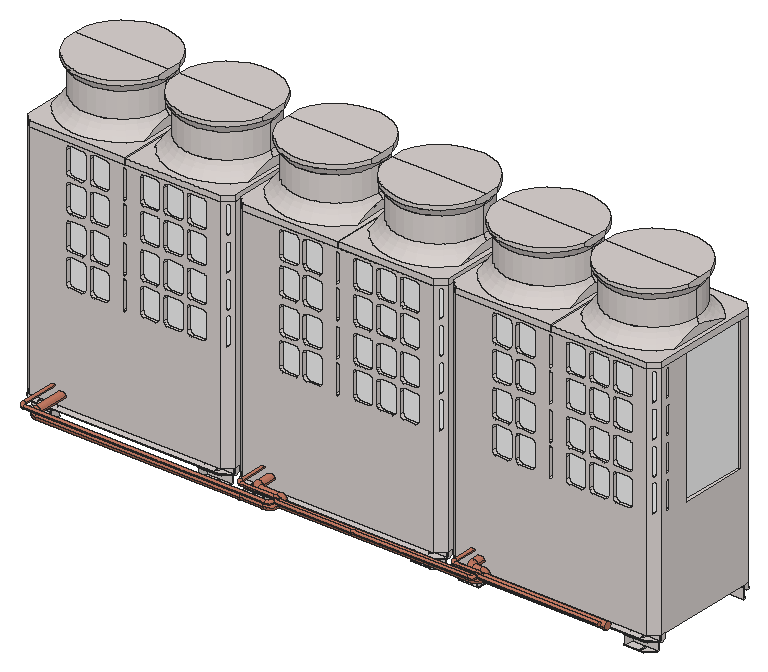
Revit family "PUHY-P1300YSNW-A1", category 機械設備, Revit 2016
Family settings
  パーツ タイプ = 標準
  丸型コネクタ寸法 = 半径を使用
  OmniClass 番号 = 23.75.00.00
  OmniClass タイトル = Climate Control (HVAC)
  作業面に基づく = いいえ
  常に垂直 = はい
  ロード時にボイドで切り取り = いいえ
  共有 = いいえ
  部屋の計算ポイント = いいえ
Parameters (values of type "PUHY-P1300YSNW-A1_380V_50Hz")
  モデル = "PUHY-P1300YSNW-A1"
  Width = 3780.000 mm
  WarrantyStart = ""
  Voltage = 380 V
  Unit Weight (kg) = 863
  URL = "http://www.mitsubishielectric.com/"
  Temp. range of heating (Outdoor temp.) (W.B.) = "-20.0 to 15.5"
  Temp. range of heating (Indoor temp.) (D.B.) = "15.0 to 27.0"
  Temp. range of cooling (Outdoor temp.) (D.B.) = "-5.0 to 52.0"
  Temp. range of cooling (Indoor temp.) (W.B.) = "15.0 to 24.0"
  TagNumber = 0
  Subcategory = "HVAC"
  Space View = yes
  Sound Pressure Level (dB(A)) Heating mode = 73.5
  Sound Pressure Level (dB(A)) Cooling mode = 70
  SerialNumber = 0
  ReplacementYear = ""
  Refrigerant type = "R410A"
  Refrigerant Charge (kg) = 31.4
  Protection Devices_Inverter circuit (COMP./FAN) = "Over-current protection"
  Protection Devices_High pressure (MPa) = "High pressure sensor, High pressure switch at 4.15"
  Phase = 3
  製造元 = "Mitsubishi Electric Corporation"
  Outdoor unit 3 Breaker size (A) = 60
  Outdoor unit 3 = PUHY-P400YNW-A1 : PUHY-P400YNW-A1
  Outdoor unit 2 Breaker size (A) = 60
  Outdoor unit 2 = PUHY-P450YNW-A1 : PUHY-P450YNW-A1
  Outdoor unit 1 Breaker size (A) = 60
  Outdoor unit 1 = PUHY-P450YNW-A1 : PUHY-P450YNW-A1
  Note_1 = "Refrigerant pipe diameters may change depending on the installation condition. Please refer to the installation manual."
  Maximum Circuit Ampacity (A) = 106.1
  Liquid pipe_radius = 9.525 mm
  InstallationDate = ""
  Indoor Unit Total Capacity = "50 to 130% of outdoor unit capacity"
  Indoor Unit Model/Quantity = "P10 to P250/3 to 50"
  Hertz = 50 Hz
  Height = 1858.000 mm
  Heating SCOP (kW/kW) = 3.81
  Heating Rated Load Ampacity (A) = 70.7
  Heating Power Input (kW) = 41.9
  Heating Power Input (Nominal) (kW) = 35.18
  Heating Current Input (Nominal) (A) = 59.3
  Heating Current Input (A) = 70.7
  Heating Capacity (kW) = 163
  Heating Capacity (Nominal) (kW) = 146
  Heating COP (kW/kW) = 3.89
  Heating COP (Nominal) (kW/kW) = 4.15
  Gas pipe_radius = 20.640 mm
  Fan_Type = "Propeller Fan"
  Fan_Quantity = 6
  Fan Motor Output (kW) = 2.76
  External static pressure (Pa) = 0
  External Finish = "Pre-coated galvanized steel sheets (+powder coating for -BS type) <MUNSELL 3Y 7.8/1.1 or similar>"
  Equip_description = ""
  Equip_No. = 0
  Equip_ID = ""
  Description = ""
  Depth = 740.000 mm
  CreatedOn = ""
  CreatedBy = ""
  Cooling SEER (kW/kW) = 6.32
  Cooling Rated Load Ampacity (A) = 76
  Cooling Power Input (kW) = 45.06
  Cooling EER (kW/kW) = 3.24
  Cooling Current Input (A) = 76
  Cooling Capacity (kW) = 146
  Compressor_Type = "Inverter scroll hermetic compressor"
  Compressor_Quantity = 3
  Compressor_Lubricant = "MEL32"
  Compressor Motor Output (kW) = 34.8
  Category = ""
  Barcode = ""
  AssetIdentifier = ""
  Airflow Rate (m3/min) = 910
  Airflow Rate (m3/h) = 54600
Reference planes
  plane 1 "Center (Front/Back)": y = 0
  plane 2: z = 0
  plane 3: z = 1710
  plane 4: z = 60
  plane 5: y = 370
  plane 6 "front": y = -370
  plane 7: x = -1890
  plane 8: x = -620
  plane 9: x = 620
  plane 10: x = -650
  plane 11: x = 650
  plane 12: y = 370
  plane 13: y = -370
  plane 14: z = 1858
  plane 15: x = 1890
  plane 16: x = 0
Forms (mm)
  Sweep 1, solid, material "Copper"
    path origin (137.855, 17.925, 192.255) x (0, -1, 0) y (1, 0, 0)
      loop
        line (380, -1839.039) -> (605, -1839.039)
        arc (605, -1839.039) -> (626.213, -1830.253) -> (635, -1809.039) r 30
        line (635, -1809.039) -> (635, -368.337)
        arc (635, -368.337) -> (629.142, -354.195) -> (615, -348.337) r 20
        line (615, -348.337) -> (590, -348.337)
        arc (590, -348.337) -> (575.858, -354.195) -> (570, -368.337) r 20
        line (570, -368.337) -> (570, -568.337)
        arc (570, -568.337) -> (564.142, -582.479) -> (550, -588.337) r 20
        line (550, -588.337) -> (380, -588.337)
    profile origin (-1701.184, -474.575, 192.255) x (1, 0, 0) y (0, 0, 1)
      loop
        circle (0, 0) r 9.525
  Sweep 2, solid, material "Copper"
    path origin (111.295, 17.925, 158.255) x (-1, 0, 0) y (0, -1, 0)
      loop
        line (1758.141, 380) -> (1758.141, 575)
        arc (1758.141, 575) -> (1747.889, 599.749) -> (1723.141, 610) r 35
        line (1723.141, 610) -> (502, 610) -> (364.723, 610)
        arc (364.723, 610) -> (339.974, 599.749) -> (329.723, 575) r 35
        line (329.723, 575) -> (329.723, 545)
        arc (329.723, 545) -> (339.974, 520.251) -> (364.723, 510) r 35
        line (364.723, 510) -> (475.673, 510)
        arc (475.673, 510) -> (500.421, 499.749) -> (510.673, 475) r 35
        line (510.673, 475) -> (510.673, 380)
    profile origin (-1646.846, -459.575, 158.255) x (1, 0, 0) y (0, 0, 1)
      loop
        circle (0, 0) r 20.64
  Sweep 3, solid, material "Copper"
    path origin (214.685, 17.925, 192.255) x (0, -1, 0) y (1, 0, 0)
      loop
        line (605, -426.689) -> (605, 43.311) -> (605, 737.327)
        arc (605, 737.327) -> (599.142, 751.469) -> (585, 757.327) r 20
        line (585, 757.327) -> (560.96, 757.327)
        arc (560.96, 757.327) -> (546.818, 751.469) -> (540.96, 737.327) r 20
        line (540.96, 737.327) -> (540.96, 607.327)
        arc (540.96, 607.327) -> (535.102, 593.185) -> (520.96, 587.327) r 20
        line (520.96, 587.327) -> (380, 587.327)
    profile origin (22.996, -587.075, 192.255) x (0, 1, 0) y (0, 0, 1)
      loop
        circle (0, 0) r 9.525
  Sweep 4, solid, material "Copper"
    path origin (188.125, 17.925, 158.255) x (-1, 0, 0) y (0, -1, 0)
      loop
        line (406.853, 555.96) -> (-741.149, 555.96)
        arc (-741.149, 555.96) -> (-765.897, 545.709) -> (-776.149, 520.96) r 35
        line (-776.149, 520.96) -> (-776.149, 510)
        arc (-776.149, 510) -> (-765.897, 485.251) -> (-741.149, 475) r 35
        line (-741.149, 475) -> (-696.149, 475)
        arc (-696.149, 475) -> (-671.4, 464.749) -> (-661.149, 440) r 35
        line (-661.149, 440) -> (-661.149, 380)
    profile origin (355.273, -538.035, 158.255) x (0, 1, 0) y (0, 0, 1)
      loop
        circle (0, 0) r 20.64
  Sweep 5, solid, material "Copper"
    path origin (249.685, 17.925, 192.255) x (0, -1, 0) y (1, 0, 0)
      loop
        line (572.806, 727.767) -> (572.806, 1455.315)
    profile origin (1341.226, -554.881, 192.255) x (0, 1, 0) y (0, 0, 1)
      loop
        circle (0, 0) r 9.525
  Sweep 6, solid, material "Copper"
    path origin (228.125, 17.925, 158.255) x (-1, 0, 0) y (0, -1, 0)
      loop
        line (-749.534, 515.995) -> (-1481.875, 515.995)
    profile origin (1343.83, -498.07, 158.255) x (0, 1, 0) y (0, 0, 1)
      loop
        circle (0, 0) r 20.64
Dimensions and locks
  nested 2 to nested 1 = 30.000 mm
  nested 1 to nested 1 = 1240.000 mm
  nested 2 to nested 2 = 1240.000 mm
  "Liquid pipe_radius": radius of Sweep 5 sketch curve
  "Gas pipe_radius": radius of Sweep 6 sketch curve
  aligned and locked: level to plane 2
Automatic sketch dimensions
  Sweep 1 sketch curve to plane 6 "front" = 7.925 mm  (x2)
  plane 6 "front" to Sweep 1 sketch curve = 162.075 mm
  Sweep 1 sketch curve to Sweep 1 sketch curve = 20.000 mm  (x2)
  plane 6 "front" to Sweep 1 sketch curve = 217.075 mm
  Sweep 1 sketch curve to Sweep 1 sketch curve = 25.000 mm
  Sweep 1 sketch curve to Sweep 1 sketch curve = 30.000 mm
  profile plane to Sweep 1 sketch curve = 0.000 mm
  Sweep 1 sketch curve to profile plane = 0.000 mm
  Sweep 2 sketch curve to Sweep 2 sketch curve = 35.000 mm  (x3)
  plane 6 "front" to Sweep 2 sketch curve = 222.075 mm
  Sweep 2 sketch curve to Sweep 2 sketch curve = 30.000 mm
  Sweep 2 sketch curve to plane 6 "front" = 7.925 mm  (x2)
  profile plane to Sweep 2 sketch curve = 0.000 mm
  Sweep 2 sketch curve to profile plane = 0.000 mm
  Sweep 3 sketch curve to profile plane = 0.000 mm  (x2)
  plane 6 "front" to Sweep 4 sketch curve = 122.075 mm
  plane 6 "front" to Sweep 4 sketch curve = 87.075 mm
  Sweep 4 sketch curve to Sweep 4 sketch curve = 0.000 mm
  Sweep 4 sketch curve to Sweep 4 sketch curve = 45.000 mm
  plane 6 "front" to Sweep 4 sketch curve = 52.075 mm
  Sweep 4 sketch curve to Sweep 4 sketch curve = 60.000 mm
  Sweep 4 sketch curve to Sweep 4 sketch curve = 10.960 mm
  Sweep 4 sketch curve to profile plane = 0.000 mm  (x2)
  Sweep 3 sketch curve to plane 6 "front" = 7.925 mm
  plane 6 "front" to Sweep 3 sketch curve = 133.035 mm
  Sweep 3 sketch curve to Sweep 3 sketch curve = 20.000 mm  (x2)
  Sweep 3 sketch curve to Sweep 3 sketch curve = 24.040 mm
  plane 6 "front" to Sweep 3 sketch curve = 217.075 mm
  Sweep 3 sketch curve to Sweep 3 sketch curve = 470.000 mm
  Sweep 3 sketch curve to Sweep 3 sketch curve = 544.016 mm
  Sweep 3 sketch curve to Sweep 3 sketch curve = 130.000 mm
  Sweep 1 sketch curve to Sweep 1 sketch curve = 1220.702 mm
  Sweep 2 sketch curve to Sweep 2 sketch curve = 1212.468 mm
  Sweep 4 sketch curve to Sweep 4 sketch curve = 1068.002 mm
  plane 6 "front" to Sweep 5 sketch curve = 184.881 mm
  plane 6 "front" to Sweep 6 sketch curve = 128.070 mm
  Sweep 5 sketch curve to profile plane = 0.000 mm  (x2)
  Sweep 6 sketch curve to profile plane = 0.000 mm  (x2)
  plane 11 to Sweep 5 sketch curve = 327.453 mm
  Sweep 5 sketch curve to plane 15 = 185.000 mm
  Sweep 6 sketch curve to plane 15 = 180.000 mm
  plane 11 to Sweep 6 sketch curve = 327.659 mm
  plane 7 to Sweep 1 sketch curve = 188.816 mm
  Sweep 1 sketch curve to Sweep 1 sketch curve = 200.000 mm
  plane 6 "front" to Sweep 2 sketch curve = 157.075 mm
  Sweep 2 sketch curve to plane 8 = 401.573 mm
  Sweep 2 sketch curve to Sweep 2 sketch curve = 110.950 mm
  Sweep 2 sketch curve to Sweep 2 sketch curve = 26.327 mm
  Sweep 3 sketch curve to plane 9 = 362.004 mm
  plane 11 to Sweep 4 sketch curve = 314.274 mm
  radius of Sweep 1 sketch curve = 9.525 mm
  radius of Sweep 2 sketch curve = 20.640 mm
  radius of Sweep 3 sketch curve = 9.525 mm
  radius of Sweep 4 sketch curve = 20.640 mm
Nested families
  nested 1: "PUHY-P450YNW-A1" at (0, 0, 0), type <- "Outdoor unit 2", type "PUHY-P450YNW-A1"
  nested 2: "PUHY-P450YNW-A1" at (-1270, 0, 0), type <- "Outdoor unit 1", type "PUHY-P450YNW-A1"
  nested 3: "PUHY-P400YNW-A1" at (1270, 0, 0), type <- "Outdoor unit 3", type "PUHY-P400YNW-A1"
Connectors
  piping at (1710, -498.07, 158.255), diameter 41.28, driven by "Gas pipe_radius"
    settings: on Sweep 6, index 1, connector inside diameter 41.28 mm, connector length 0.000 mm, flow factor 0, pipe flow 0.0 L/s, pressure drop 0.0 Pa, fitting loss kfactor 0, connector angle 0.00°, fixture units 0, engagement length 0.000 mm, angle of deflection 0.00°, flow configuration 0, flow direction 0, fitting loss method 0, system type 22, joint type 0, gender type 0, connector reference index -1, connector utility 0, adjustable connector no, is connector primary yes, connector description "Indoor unit-Twinning pipe(Gas)"
  piping at (1705, -554.881, 192.255), diameter 19.05, driven by "Liquid pipe_radius"
    settings: on Sweep 5, index 2, connector inside diameter 19.05 mm, connector length 0.000 mm, flow factor 0, pipe flow 0.0 L/s, pressure drop 0.0 Pa, fitting loss kfactor 0, connector angle 0.00°, fixture units 0, engagement length 0.000 mm, angle of deflection 0.00°, flow configuration 0, flow direction 0, fitting loss method 0, system type 22, joint type 0, gender type 0, connector reference index -1, connector utility 0, adjustable connector no, is connector primary no, connector description "Indoor unit-Twinning pipe(Liquid)"
  electrical at (992, -370, 279), driven by "Phase", driven by "Voltage"
    settings: index 3, voltage 380 V, apparent load 0 VA, apparent load phase1 0 VA, apparent load phase2 0 VA, apparent load phase3 0 VA, power factor 1, load classification "HVAC", number of poles 3, system type 30, power factor state 1, is connector primary yes, connector utility no, sub classification motor no, connector description ""
  electrical at (-258, -370, 279), driven by "Phase", driven by "Voltage"
    settings: index 4, voltage 380 V, apparent load 0 VA, apparent load phase1 0 VA, apparent load phase2 0 VA, apparent load phase3 0 VA, power factor 1, load classification "HVAC", number of poles 3, system type 30, power factor state 1, is connector primary no, connector utility no, sub classification motor no, connector description ""
  electrical at (-1508, -370, 279), driven by "Phase", driven by "Voltage"
    settings: index 5, voltage 380 V, apparent load 0 VA, apparent load phase1 0 VA, apparent load phase2 0 VA, apparent load phase3 0 VA, power factor 1, load classification "HVAC", number of poles 3, system type 30, power factor state 1, is connector primary no, connector utility no, sub classification motor no, connector description ""
Definition of nested family "PUHY-P450YNW-A1"
  Parameters
    Model = "PUHY-P400YNW-A"
    URL = "http://www.mitsubishielectric.com/"
    Manufacturer = "Mitsubishi Electric Corporation"
    Liquid pipe_radius = 12.700 mm
    Gas pipe_radius = 14.290 mm
  Reference planes
    plane 1 "Center (Front/Back)": y = 0
    plane 2: z = 0
    plane 3 "Center (Left/Right)": x = 0
    plane 4: y = 370
    plane 5: z = 1858
    plane 6: y = -260
    plane 7: y = -204
    plane 8: y = -185
    plane 9: x = -620
    plane 10: x = 620
    plane 11: x = -620
    plane 12: z = 716
    plane 13: x = -524
    plane 14: z = 669
    plane 15: x = -50.5
    plane 16: x = 51
    plane 17: x = 489
    plane 18: x = 467
    plane 19 "132": x = 488
    plane 20 "100": z = 160
    plane 21: z = 185
    plane 22: x = 413
    plane 23: x = 364
    plane 24: z = 150
    plane 25: x = -287.25
    plane 26: x = -137.25
    plane 27: x = -272.25
    plane 28: y = -278
    plane 29: z = 1509
    plane 30: y = -370
    plane 31: x = -530
    plane 32: x = 530
    plane 33 "179": y = -191
  Forms (mm)
    Extrusion 1, solid
      sketch origin (-1, 0, 113) x (-1, 0, 0) y (0, -1, 0)
        loop
          line (569, -370) -> (619, -320) -> (619, 320) -> (569, 370) -> (-571, 370) -> (-621, 320) -> (-621, -320) -> (-571, -370) -> (569, -370)
      from -18 to 1408
    Extrusion 2, void
      sketch origin (524, -370, 113) x (1, 0, 0) y (0, 0, -1)
        loop
          arc (-60.8, -1393.5) -> (-42.557, -1385.943) -> (-35, -1367.7) r 25.8
          line (-35, -1367.7) -> (-35, -1248.5)
          arc (-35, -1248.5) -> (-42.557, -1230.257) -> (-60.8, -1222.7) r 25.8
          line (-60.8, -1222.7) -> (-126, -1222.7)
          arc (-126, -1222.7) -> (-144.243, -1230.257) -> (-151.8, -1248.5) r 25.8
          line (-151.8, -1248.5) -> (-151.8, -1367.7)
          arc (-151.8, -1367.7) -> (-144.243, -1385.943) -> (-126, -1393.5) r 25.8
          line (-126, -1393.5) -> (-60.8, -1393.5)
      from 0 to 20
    Extrusion 3, void
      sketch origin (524, -370, -81) x (1, 0, 0) y (0, 0, -1)
        loop
          arc (-60.8, -1393.5) -> (-42.557, -1385.943) -> (-35, -1367.7) r 25.8
          line (-35, -1367.7) -> (-35, -1248.5)
          arc (-35, -1248.5) -> (-42.557, -1230.257) -> (-60.8, -1222.7) r 25.8
          line (-60.8, -1222.7) -> (-126, -1222.7)
          arc (-126, -1222.7) -> (-144.243, -1230.257) -> (-151.8, -1248.5) r 25.8
          line (-151.8, -1248.5) -> (-151.8, -1367.7)
          arc (-151.8, -1367.7) -> (-144.243, -1385.943) -> (-126, -1393.5) r 25.8
          line (-126, -1393.5) -> (-60.8, -1393.5)
      from 0 to 20
    Extrusion 4, void
      sketch origin (524, -370, -287) x (1, 0, 0) y (0, 0, -1)
        loop
          arc (-60.8, -1393.5) -> (-42.557, -1385.943) -> (-35, -1367.7) r 25.8
          line (-35, -1367.7) -> (-35, -1248.5)
          arc (-35, -1248.5) -> (-42.557, -1230.257) -> (-60.8, -1222.7) r 25.8
          line (-60.8, -1222.7) -> (-126, -1222.7)
          arc (-126, -1222.7) -> (-144.243, -1230.257) -> (-151.8, -1248.5) r 25.8
          line (-151.8, -1248.5) -> (-151.8, -1367.7)
          arc (-151.8, -1367.7) -> (-144.243, -1385.943) -> (-126, -1393.5) r 25.8
          line (-126, -1393.5) -> (-60.8, -1393.5)
      from 0 to 20
    Extrusion 5, void
      sketch origin (524, -370, -481) x (1, 0, 0) y (0, 0, -1)
        loop
          arc (-60.8, -1393.5) -> (-42.557, -1385.943) -> (-35, -1367.7) r 25.8
          line (-35, -1367.7) -> (-35, -1248.5)
          arc (-35, -1248.5) -> (-42.557, -1230.257) -> (-60.8, -1222.7) r 25.8
          line (-60.8, -1222.7) -> (-126, -1222.7)
          arc (-126, -1222.7) -> (-144.243, -1230.257) -> (-151.8, -1248.5) r 25.8
          line (-151.8, -1248.5) -> (-151.8, -1367.7)
          arc (-151.8, -1367.7) -> (-144.243, -1385.943) -> (-126, -1393.5) r 25.8
          line (-126, -1393.5) -> (-60.8, -1393.5)
      from 0 to 20
    Extrusion 6, void
      sketch origin (384, -370, 113) x (1, 0, 0) y (0, 0, -1)
        loop
          arc (-60.8, -1393.5) -> (-42.557, -1385.943) -> (-35, -1367.7) r 25.8
          line (-35, -1367.7) -> (-35, -1248.5)
          arc (-35, -1248.5) -> (-42.557, -1230.257) -> (-60.8, -1222.7) r 25.8
          line (-60.8, -1222.7) -> (-126, -1222.7)
          arc (-126, -1222.7) -> (-144.243, -1230.257) -> (-151.8, -1248.5) r 25.8
          line (-151.8, -1248.5) -> (-151.8, -1367.7)
          arc (-151.8, -1367.7) -> (-144.243, -1385.943) -> (-126, -1393.5) r 25.8
          line (-126, -1393.5) -> (-60.8, -1393.5)
      from 0 to 20
    Extrusion 7, void
      sketch origin (384, -370, -81) x (1, 0, 0) y (0, 0, -1)
        loop
          arc (-60.8, -1393.5) -> (-42.557, -1385.943) -> (-35, -1367.7) r 25.8
          line (-35, -1367.7) -> (-35, -1248.5)
          arc (-35, -1248.5) -> (-42.557, -1230.257) -> (-60.8, -1222.7) r 25.8
          line (-60.8, -1222.7) -> (-126, -1222.7)
          arc (-126, -1222.7) -> (-144.243, -1230.257) -> (-151.8, -1248.5) r 25.8
          line (-151.8, -1248.5) -> (-151.8, -1367.7)
          arc (-151.8, -1367.7) -> (-144.243, -1385.943) -> (-126, -1393.5) r 25.8
          line (-126, -1393.5) -> (-60.8, -1393.5)
      from 0 to 20
    Extrusion 8, void
      sketch origin (384, -370, -287) x (1, 0, 0) y (0, 0, -1)
        loop
          arc (-60.8, -1393.5) -> (-42.557, -1385.943) -> (-35, -1367.7) r 25.8
          line (-35, -1367.7) -> (-35, -1248.5)
          arc (-35, -1248.5) -> (-42.557, -1230.257) -> (-60.8, -1222.7) r 25.8
          line (-60.8, -1222.7) -> (-126, -1222.7)
          arc (-126, -1222.7) -> (-144.243, -1230.257) -> (-151.8, -1248.5) r 25.8
          line (-151.8, -1248.5) -> (-151.8, -1367.7)
          arc (-151.8, -1367.7) -> (-144.243, -1385.943) -> (-126, -1393.5) r 25.8
          line (-126, -1393.5) -> (-60.8, -1393.5)
      from 0 to 20
    Extrusion 9, void
      sketch origin (384, -370, -481) x (1, 0, 0) y (0, 0, -1)
        loop
          arc (-60.8, -1393.5) -> (-42.557, -1385.943) -> (-35, -1367.7) r 25.8
          line (-35, -1367.7) -> (-35, -1248.5)
          arc (-35, -1248.5) -> (-42.557, -1230.257) -> (-60.8, -1222.7) r 25.8
          line (-60.8, -1222.7) -> (-126, -1222.7)
          arc (-126, -1222.7) -> (-144.243, -1230.257) -> (-151.8, -1248.5) r 25.8
          line (-151.8, -1248.5) -> (-151.8, -1367.7)
          arc (-151.8, -1367.7) -> (-144.243, -1385.943) -> (-126, -1393.5) r 25.8
          line (-126, -1393.5) -> (-60.8, -1393.5)
      from 0 to 20
    Extrusion 10, void
      sketch origin (244, -370, 113) x (1, 0, 0) y (0, 0, -1)
        loop
          arc (-60.8, -1393.5) -> (-42.557, -1385.943) -> (-35, -1367.7) r 25.8
          line (-35, -1367.7) -> (-35, -1248.5)
          arc (-35, -1248.5) -> (-42.557, -1230.257) -> (-60.8, -1222.7) r 25.8
          line (-60.8, -1222.7) -> (-126, -1222.7)
          arc (-126, -1222.7) -> (-144.243, -1230.257) -> (-151.8, -1248.5) r 25.8
          line (-151.8, -1248.5) -> (-151.8, -1367.7)
          arc (-151.8, -1367.7) -> (-144.243, -1385.943) -> (-126, -1393.5) r 25.8
          line (-126, -1393.5) -> (-60.8, -1393.5)
      from 0 to 20
    Extrusion 11, void
      sketch origin (244, -370, -81) x (1, 0, 0) y (0, 0, -1)
        loop
          arc (-60.8, -1393.5) -> (-42.557, -1385.943) -> (-35, -1367.7) r 25.8
          line (-35, -1367.7) -> (-35, -1248.5)
          arc (-35, -1248.5) -> (-42.557, -1230.257) -> (-60.8, -1222.7) r 25.8
          line (-60.8, -1222.7) -> (-126, -1222.7)
          arc (-126, -1222.7) -> (-144.243, -1230.257) -> (-151.8, -1248.5) r 25.8
          line (-151.8, -1248.5) -> (-151.8, -1367.7)
          arc (-151.8, -1367.7) -> (-144.243, -1385.943) -> (-126, -1393.5) r 25.8
          line (-126, -1393.5) -> (-60.8, -1393.5)
      from 0 to 20
    Extrusion 12, void
      sketch origin (244, -370, -287) x (1, 0, 0) y (0, 0, -1)
        loop
          arc (-60.8, -1393.5) -> (-42.557, -1385.943) -> (-35, -1367.7) r 25.8
          line (-35, -1367.7) -> (-35, -1248.5)
          arc (-35, -1248.5) -> (-42.557, -1230.257) -> (-60.8, -1222.7) r 25.8
          line (-60.8, -1222.7) -> (-126, -1222.7)
          arc (-126, -1222.7) -> (-144.243, -1230.257) -> (-151.8, -1248.5) r 25.8
          line (-151.8, -1248.5) -> (-151.8, -1367.7)
          arc (-151.8, -1367.7) -> (-144.243, -1385.943) -> (-126, -1393.5) r 25.8
          line (-126, -1393.5) -> (-60.8, -1393.5)
      from 0 to 20
    Extrusion 13, void
      sketch origin (244, -370, -481) x (1, 0, 0) y (0, 0, -1)
        loop
          arc (-60.8, -1393.5) -> (-42.557, -1385.943) -> (-35, -1367.7) r 25.8
          line (-35, -1367.7) -> (-35, -1248.5)
          arc (-35, -1248.5) -> (-42.557, -1230.257) -> (-60.8, -1222.7) r 25.8
          line (-60.8, -1222.7) -> (-126, -1222.7)
          arc (-126, -1222.7) -> (-144.243, -1230.257) -> (-151.8, -1248.5) r 25.8
          line (-151.8, -1248.5) -> (-151.8, -1367.7)
          arc (-151.8, -1367.7) -> (-144.243, -1385.943) -> (-126, -1393.5) r 25.8
          line (-126, -1393.5) -> (-60.8, -1393.5)
      from 0 to 20
    Extrusion 14, void
      sketch origin (-56, -370, 113) x (1, 0, 0) y (0, 0, -1)
        loop
          arc (-60.8, -1393.5) -> (-42.557, -1385.943) -> (-35, -1367.7) r 25.8
          line (-35, -1367.7) -> (-35, -1248.5)
          arc (-35, -1248.5) -> (-42.557, -1230.257) -> (-60.8, -1222.7) r 25.8
          line (-60.8, -1222.7) -> (-126, -1222.7)
          arc (-126, -1222.7) -> (-144.243, -1230.257) -> (-151.8, -1248.5) r 25.8
          line (-151.8, -1248.5) -> (-151.8, -1367.7)
          arc (-151.8, -1367.7) -> (-144.243, -1385.943) -> (-126, -1393.5) r 25.8
          line (-126, -1393.5) -> (-60.8, -1393.5)
      from 0 to 20
    Extrusion 15, void
      sketch origin (-56, -370, -81) x (1, 0, 0) y (0, 0, -1)
        loop
          arc (-60.8, -1393.5) -> (-42.557, -1385.943) -> (-35, -1367.7) r 25.8
          line (-35, -1367.7) -> (-35, -1248.5)
          arc (-35, -1248.5) -> (-42.557, -1230.257) -> (-60.8, -1222.7) r 25.8
          line (-60.8, -1222.7) -> (-126, -1222.7)
          arc (-126, -1222.7) -> (-144.243, -1230.257) -> (-151.8, -1248.5) r 25.8
          line (-151.8, -1248.5) -> (-151.8, -1367.7)
          arc (-151.8, -1367.7) -> (-144.243, -1385.943) -> (-126, -1393.5) r 25.8
          line (-126, -1393.5) -> (-60.8, -1393.5)
      from 0 to 20
    Extrusion 16, void
      sketch origin (-56, -370, -287) x (1, 0, 0) y (0, 0, -1)
        loop
          arc (-60.8, -1393.5) -> (-42.557, -1385.943) -> (-35, -1367.7) r 25.8
          line (-35, -1367.7) -> (-35, -1248.5)
          arc (-35, -1248.5) -> (-42.557, -1230.257) -> (-60.8, -1222.7) r 25.8
          line (-60.8, -1222.7) -> (-126, -1222.7)
          arc (-126, -1222.7) -> (-144.243, -1230.257) -> (-151.8, -1248.5) r 25.8
          line (-151.8, -1248.5) -> (-151.8, -1367.7)
          arc (-151.8, -1367.7) -> (-144.243, -1385.943) -> (-126, -1393.5) r 25.8
          line (-126, -1393.5) -> (-60.8, -1393.5)
      from 0 to 20
    Extrusion 17, void
      sketch origin (-56, -370, -481) x (1, 0, 0) y (0, 0, -1)
        loop
          arc (-60.8, -1393.5) -> (-42.557, -1385.943) -> (-35, -1367.7) r 25.8
          line (-35, -1367.7) -> (-35, -1248.5)
          arc (-35, -1248.5) -> (-42.557, -1230.257) -> (-60.8, -1222.7) r 25.8
          line (-60.8, -1222.7) -> (-126, -1222.7)
          arc (-126, -1222.7) -> (-144.243, -1230.257) -> (-151.8, -1248.5) r 25.8
          line (-151.8, -1248.5) -> (-151.8, -1367.7)
          arc (-151.8, -1367.7) -> (-144.243, -1385.943) -> (-126, -1393.5) r 25.8
          line (-126, -1393.5) -> (-60.8, -1393.5)
      from 0 to 20
    Extrusion 18, void
      sketch origin (-196, -370, 113) x (1, 0, 0) y (0, 0, -1)
        loop
          arc (-60.8, -1393.5) -> (-42.557, -1385.943) -> (-35, -1367.7) r 25.8
          line (-35, -1367.7) -> (-35, -1248.5)
          arc (-35, -1248.5) -> (-42.557, -1230.257) -> (-60.8, -1222.7) r 25.8
          line (-60.8, -1222.7) -> (-126, -1222.7)
          arc (-126, -1222.7) -> (-144.243, -1230.257) -> (-151.8, -1248.5) r 25.8
          line (-151.8, -1248.5) -> (-151.8, -1367.7)
          arc (-151.8, -1367.7) -> (-144.243, -1385.943) -> (-126, -1393.5) r 25.8
          line (-126, -1393.5) -> (-60.8, -1393.5)
      from 0 to 20
    Extrusion 19, void
      sketch origin (-196, -370, -81) x (1, 0, 0) y (0, 0, -1)
        loop
          arc (-60.8, -1393.5) -> (-42.557, -1385.943) -> (-35, -1367.7) r 25.8
          line (-35, -1367.7) -> (-35, -1248.5)
          arc (-35, -1248.5) -> (-42.557, -1230.257) -> (-60.8, -1222.7) r 25.8
          line (-60.8, -1222.7) -> (-126, -1222.7)
          arc (-126, -1222.7) -> (-144.243, -1230.257) -> (-151.8, -1248.5) r 25.8
          line (-151.8, -1248.5) -> (-151.8, -1367.7)
          arc (-151.8, -1367.7) -> (-144.243, -1385.943) -> (-126, -1393.5) r 25.8
          line (-126, -1393.5) -> (-60.8, -1393.5)
      from 0 to 20
    Extrusion 20, void
      sketch origin (-196, -370, -287) x (1, 0, 0) y (0, 0, -1)
        loop
          arc (-60.8, -1393.5) -> (-42.557, -1385.943) -> (-35, -1367.7) r 25.8
          line (-35, -1367.7) -> (-35, -1248.5)
          arc (-35, -1248.5) -> (-42.557, -1230.257) -> (-60.8, -1222.7) r 25.8
          line (-60.8, -1222.7) -> (-126, -1222.7)
          arc (-126, -1222.7) -> (-144.243, -1230.257) -> (-151.8, -1248.5) r 25.8
          line (-151.8, -1248.5) -> (-151.8, -1367.7)
          arc (-151.8, -1367.7) -> (-144.243, -1385.943) -> (-126, -1393.5) r 25.8
          line (-126, -1393.5) -> (-60.8, -1393.5)
      from 0 to 20
    Extrusion 21, void
      sketch origin (-196, -370, -481) x (1, 0, 0) y (0, 0, -1)
        loop
          arc (-60.8, -1393.5) -> (-42.557, -1385.943) -> (-35, -1367.7) r 25.8
          line (-35, -1367.7) -> (-35, -1248.5)
          arc (-35, -1248.5) -> (-42.557, -1230.257) -> (-60.8, -1222.7) r 25.8
          line (-60.8, -1222.7) -> (-126, -1222.7)
          arc (-126, -1222.7) -> (-144.243, -1230.257) -> (-151.8, -1248.5) r 25.8
          line (-151.8, -1248.5) -> (-151.8, -1367.7)
          arc (-151.8, -1367.7) -> (-144.243, -1385.943) -> (-126, -1393.5) r 25.8
          line (-126, -1393.5) -> (-60.8, -1393.5)
      from 0 to 20
    Extrusion 22, void
      sketch origin (620, 320, 113) x (0, 1, 0) y (0, 0, -1)
        loop
          line (-462.3, -1408) -> (-50.8, -1408) -> (-50.8, -612) -> (-462.3, -612) -> (-462.3, -1408)
      from 0 to 20
    Extrusion 23, void
      sketch origin (-620, -320, 113) x (0, -1, 0) y (0, 0, -1)
        loop
          line (-535.7, -1408) -> (-207.7, -1408) -> (-207.7, -592) -> (-535.7, -592) -> (-535.7, -1408)
      from 0 to 20
    Extrusion 24, void
      sketch origin (194.892, 370, 113) x (-1, 0, 0) y (0, 0, -1)
        loop
          arc (204.892, -1225.013) -> (194.892, -1215.013) -> (184.892, -1225.013) r 10
          line (184.892, -1225.013) -> (184.892, -1379.987)
          arc (184.892, -1379.987) -> (194.892, -1389.987) -> (204.892, -1379.987) r 10
          line (204.892, -1379.987) -> (204.892, -1225.013)
        loop
          arc (204.892, -1031.013) -> (194.892, -1021.013) -> (184.892, -1031.013) r 10
          line (184.892, -1031.013) -> (184.892, -1185.987)
          arc (184.892, -1185.987) -> (194.892, -1195.987) -> (204.892, -1185.987) r 10
          line (204.892, -1185.987) -> (204.892, -1031.013)
        loop
          arc (204.892, -825.013) -> (194.892, -815.013) -> (184.892, -825.013) r 10
          line (184.892, -825.013) -> (184.892, -979.987)
          arc (184.892, -979.987) -> (194.892, -989.987) -> (204.892, -979.987) r 10
          line (204.892, -979.987) -> (204.892, -825.013)
        loop
          arc (204.892, -631.013) -> (194.892, -621.013) -> (184.892, -631.013) r 10
          line (184.892, -631.013) -> (184.892, -785.987)
          arc (184.892, -785.987) -> (194.892, -795.987) -> (204.892, -785.987) r 10
          line (204.892, -785.987) -> (204.892, -631.013)
      from 0 to 20
    Extrusion 25, void
      sketch origin (-570, 370, 113) x (0.707107, 0.707107, 0) y (0, 0, 1)
        loop
          arc (-45.355, 1236) -> (-35.355, 1226) -> (-25.355, 1236) r 10
          line (-25.355, 1236) -> (-25.355, 1386)
          arc (-25.355, 1386) -> (-35.355, 1396) -> (-45.355, 1386) r 10
          line (-45.355, 1386) -> (-45.355, 1236)
        loop
          arc (-45.355, 1036) -> (-35.355, 1026) -> (-25.355, 1036) r 10
          line (-25.355, 1036) -> (-25.355, 1186)
          arc (-25.355, 1186) -> (-35.355, 1196) -> (-45.355, 1186) r 10
          line (-45.355, 1186) -> (-45.355, 1036)
        loop
          arc (-45.355, 836) -> (-35.355, 826) -> (-25.355, 836) r 10
          line (-25.355, 836) -> (-25.355, 986)
          arc (-25.355, 986) -> (-35.355, 996) -> (-45.355, 986) r 10
          line (-45.355, 986) -> (-45.355, 836)
        loop
          arc (-45.355, 641) -> (-35.355, 631) -> (-25.355, 641) r 10
          line (-25.355, 641) -> (-25.355, 791)
          arc (-25.355, 791) -> (-35.355, 801) -> (-45.355, 791) r 10
          line (-45.355, 791) -> (-45.355, 641)
      from 0 to 20
    Extrusion 26, void
      sketch origin (-620, -320, 113) x (0, -1, 0) y (0, 0, -1)
        loop
          line (-607.846, -1035.895) -> (-607.846, -1186.105)
          arc (-607.846, -1186.105) -> (-597.846, -1196.105) -> (-587.846, -1186.105) r 10
          line (-587.846, -1186.105) -> (-587.846, -1035.895)
          arc (-587.846, -1035.895) -> (-597.846, -1025.895) -> (-607.846, -1035.895) r 10
        loop
          line (-607.846, -835.895) -> (-607.846, -986.105)
          arc (-607.846, -986.105) -> (-597.846, -996.105) -> (-587.846, -986.105) r 10
          line (-587.846, -986.105) -> (-587.846, -835.895)
          arc (-587.846, -835.895) -> (-597.846, -825.895) -> (-607.846, -835.895) r 10
        loop
          line (-607.846, -1235.895) -> (-607.846, -1386.105)
          arc (-607.846, -1386.105) -> (-597.846, -1396.105) -> (-587.846, -1386.105) r 10
          line (-587.846, -1386.105) -> (-587.846, -1235.895)
          arc (-587.846, -1235.895) -> (-597.846, -1225.895) -> (-607.846, -1235.895) r 10
        loop
          line (-607.846, -635.895) -> (-607.846, -786.105)
          arc (-607.846, -786.105) -> (-597.846, -796.105) -> (-587.846, -786.105) r 10
          line (-587.846, -786.105) -> (-587.846, -635.895)
          arc (-587.846, -635.895) -> (-597.846, -625.895) -> (-607.846, -635.895) r 10
      from 0 to 20
    Extrusion 27, void
      sketch origin (1079, -370, 113) x (1, 0, 0) y (0, 0, -1)
        loop
          arc (-1089, -1379.975) -> (-1079, -1389.975) -> (-1069, -1379.975) r 10
          line (-1069, -1379.975) -> (-1069, -1225)
          arc (-1069, -1225) -> (-1079, -1215) -> (-1089, -1225) r 10
          line (-1089, -1225) -> (-1089, -1379.975)
        loop
          arc (-1089, -1185.975) -> (-1079, -1195.975) -> (-1069, -1185.975) r 10
          line (-1069, -1185.975) -> (-1069, -1031)
          arc (-1069, -1031) -> (-1079, -1021) -> (-1089, -1031) r 10
          line (-1089, -1031) -> (-1089, -1185.975)
        loop
          arc (-1089, -979.975) -> (-1079, -989.975) -> (-1069, -979.975) r 10
          line (-1069, -979.975) -> (-1069, -825)
          arc (-1069, -825) -> (-1079, -815) -> (-1089, -825) r 10
          line (-1089, -825) -> (-1089, -979.975)
        loop
          arc (-1089, -785.975) -> (-1079, -795.975) -> (-1069, -785.975) r 10
          line (-1069, -785.975) -> (-1069, -631)
          arc (-1069, -631) -> (-1079, -621) -> (-1089, -631) r 10
          line (-1089, -631) -> (-1089, -785.975)
      from 0 to 20
    Extrusion 28, void
      sketch origin (-571, 370, 113) x (-1, 0, 0) y (0, 0, -1)
        loop
          line (-519.5, -1408) -> (-48, -1408) -> (-48, -556) -> (-519.5, -556) -> (-519.5, -1408)
      from 0 to 20
    Extrusion 29, void
      sketch origin (-571, 370, 113) x (-1, 0, 0) y (0, 0, -1)
        loop
          line (-1038, -1408) -> (-622, -1408) -> (-622, -556) -> (-1038, -556) -> (-1038, -1408)
      from 0 to 20
    Extrusion 30, void
      sketch origin (620, 320, 113) x (0, 1, 0) y (0, 0, -1)
        loop
          arc (-588, -1035.791) -> (-598, -1025.791) -> (-608, -1035.791) r 10
          line (-608, -1035.791) -> (-608, -1186)
          arc (-608, -1186) -> (-598, -1196) -> (-588, -1186) r 10
          line (-588, -1186) -> (-588, -1035.791)
        loop
          arc (-588, -835.791) -> (-598, -825.791) -> (-608, -835.791) r 10
          line (-608, -835.791) -> (-608, -986)
          arc (-608, -986) -> (-598, -996) -> (-588, -986) r 10
          line (-588, -986) -> (-588, -835.791)
        loop
          arc (-588, -1235.791) -> (-598, -1225.791) -> (-608, -1235.791) r 10
          line (-608, -1235.791) -> (-608, -1386)
          arc (-608, -1386) -> (-598, -1396) -> (-588, -1386) r 10
          line (-588, -1386) -> (-588, -1235.791)
        loop
          arc (-588, -635.791) -> (-598, -625.791) -> (-608, -635.791) r 10
          line (-608, -635.791) -> (-608, -786)
          arc (-608, -786) -> (-598, -796) -> (-588, -786) r 10
          line (-588, -786) -> (-588, -635.791)
      from 0 to 20
    Extrusion 31, void
      sketch origin (1291.751, 351.751, 113) x (0.707107, 0.707107, 0) y (0, 0, -1)
        loop
          line (-995.311, -1236) -> (-995.311, -1386)
          arc (-995.311, -1386) -> (-985.311, -1396) -> (-975.311, -1386) r 10
          line (-975.311, -1386) -> (-975.311, -1236)
          arc (-975.311, -1236) -> (-985.311, -1226) -> (-995.311, -1236) r 10
        loop
          line (-995.311, -1036) -> (-995.311, -1186)
          arc (-995.311, -1186) -> (-985.311, -1196) -> (-975.311, -1186) r 10
          line (-975.311, -1186) -> (-975.311, -1036)
          arc (-975.311, -1036) -> (-985.311, -1026) -> (-995.311, -1036) r 10
        loop
          line (-995.311, -836) -> (-995.311, -986)
          arc (-995.311, -986) -> (-985.311, -996) -> (-975.311, -986) r 10
          line (-975.311, -986) -> (-975.311, -836)
          arc (-975.311, -836) -> (-985.311, -826) -> (-995.311, -836) r 10
        loop
          line (-995.311, -641) -> (-995.311, -791)
          arc (-995.311, -791) -> (-985.311, -801) -> (-975.311, -791) r 10
          line (-975.311, -791) -> (-975.311, -641)
          arc (-975.311, -641) -> (-985.311, -631) -> (-995.311, -641) r 10
      from 0 to 20
    Extrusion 32, void
      sketch origin (0, -191, 0) x (-1, 0, 0) y (0, 0, 1)
        loop
          circle (460, 176) r 6.35
      from 0 to 78.7
    Extrusion 33, void
      sketch origin (0, -191, 0) x (-1, 0, 0) y (0, 0, 1)
        loop
          circle (377, 176) r 14.29
      from 0 to 78.7
  Cuts and joins
    Extrusion 2, Extrusion 3, Extrusion 4, Extrusion 5, Extrusion 6, Extrusion 7, Extrusion 8, Extrusion 9, Extrusion 10, Extrusion 11, Extrusion 12, Extrusion 13, Extrusion 14, Extrusion 15, Extrusion 16, Extrusion 17, Extrusion 18, Extrusion 19, Extrusion 20, Extrusion 21, Extrusion 22, Extrusion 23, Extrusion 24, Extrusion 25, Extrusion 26, Extrusion 27, Extrusion 28, Extrusion 29, Extrusion 30, Extrusion 31, Extrusion 32, Extrusion 33 cuts Extrusion 1
  Lines and regions (mm)
    model lines
      curve 1: line (-351, -291, 95) -> (-481, -291, 95)
      curve 2: line (-342, -206, 95) -> (-342, -282, 95)
      curve 3: line (-481, -197, 95) -> (-351, -197, 95)
      curve 4: line (-492, -280, 95) -> (-492, -208, 95)
      curve 5: arc (-492, -280, 95) -> (-488.778, -287.778, 95) -> (-481, -291, 95) r 11
      curve 6: arc (-351, -291, 95) -> (-344.636, -288.364, 95) -> (-342, -282, 95) r 9
      curve 7: arc (-342, -206, 95) -> (-344.636, -199.636, 95) -> (-351, -197, 95) r 9
      curve 8: arc (-481, -197, 95) -> (-488.778, -200.222, 95) -> (-492, -208, 95) r 11
      curve 9: line (-30, -370, 1521) -> (-30, -370, 95)
      curve 10: line (30, -370, 1521) -> (30, -370, 95)
      curve 11: line (-485, -370, 215) -> (-357, -370, 215)
      curve 12: line (-495, -370, 141) -> (-495, -370, 205)
      curve 13: line (-357, -370, 131) -> (-485, -370, 131)
      curve 14: line (-347, -370, 205) -> (-347, -370, 141)
      curve 15: arc (-485, -370, 215) -> (-492.071, -370, 212.071) -> (-495, -370, 205) r 10
      curve 16: arc (-495, -370, 141) -> (-492.071, -370, 133.929) -> (-485, -370, 131) r 10
      curve 17: arc (-357, -370, 131) -> (-349.929, -370, 133.929) -> (-347, -370, 141) r 10
      curve 18: arc (-347, -370, 205) -> (-349.929, -370, 212.071) -> (-357, -370, 215) r 10
      curve 19: line (-405, -370, 1521) -> (-405, -370, 716)
      curve 20: line (620, -162.3, 1521) -> (620, -162.3, 95)
      curve 21: line (620, 289.2, 1521) -> (620, 289.2, 95)
      curve 22: line (620, -162.3, 705) -> (620, 289.2, 705)
      curve 23: line (620, -162.3, 725) -> (620, 289.2, 725)
      curve 24: line (620, -76.8, 583) -> (620, 203.2, 583)
      curve 25: line (620, 203.2, 563) -> (620, -76.8, 563)
      curve 26: arc (620, -76.8, 583) -> (620, -83.871, 580.071) -> (620, -86.8, 573) r 10
      curve 27: arc (620, -76.8, 563) -> (620, -83.871, 565.929) -> (620, -86.8, 573) r 10
      curve 28: arc (620, 203.2, 583) -> (620, 210.271, 580.071) -> (620, 213.2, 573) r 10
      curve 29: arc (620, 203.2, 563) -> (620, 210.271, 565.929) -> (620, 213.2, 573) r 10
      curve 30: line (620, -76.8, 478) -> (620, 203.2, 478)
      curve 31: line (620, 203.2, 458) -> (620, -76.8, 458)
      curve 32: arc (620, -76.8, 478) -> (620, -83.871, 475.071) -> (620, -86.8, 468) r 10
      curve 33: arc (620, -76.8, 458) -> (620, -83.871, 460.929) -> (620, -86.8, 468) r 10
      curve 34: arc (620, 203.2, 478) -> (620, 210.271, 475.071) -> (620, 213.2, 468) r 10
      curve 35: arc (620, 203.2, 458) -> (620, 210.271, 460.929) -> (620, 213.2, 468) r 10
      curve 36: line (620, -76.8, 373) -> (620, 203.2, 373)
      curve 37: line (620, 203.2, 353) -> (620, -76.8, 353)
      curve 38: arc (620, -76.8, 373) -> (620, -83.871, 370.071) -> (620, -86.8, 363) r 10
      curve 39: arc (620, -76.8, 353) -> (620, -83.871, 355.929) -> (620, -86.8, 363) r 10
      curve 40: arc (620, 203.2, 373) -> (620, 210.271, 370.071) -> (620, 213.2, 363) r 10
      curve 41: arc (620, 203.2, 353) -> (620, 210.271, 355.929) -> (620, 213.2, 363) r 10
      curve 42: line (620, -76.8, 268) -> (620, 203.2, 268)
      curve 43: line (620, 203.2, 248) -> (620, -76.8, 248)
      curve 44: arc (620, -76.8, 268) -> (620, -83.871, 265.071) -> (620, -86.8, 258) r 10
      curve 45: arc (620, -76.8, 248) -> (620, -83.871, 250.929) -> (620, -86.8, 258) r 10
      curve 46: arc (620, 203.2, 268) -> (620, 210.271, 265.071) -> (620, 213.2, 258) r 10
      curve 47: arc (620, 203.2, 248) -> (620, 210.271, 250.929) -> (620, 213.2, 258) r 10
      curve 48: line (-620, -162.3, 1521) -> (-620, -162.3, 95)
      curve 49: line (-620, 235.7, 1521) -> (-620, 235.7, 95)
      curve 50: line (-620, -112.3, 1521) -> (-620, -112.3, 705)
      curve 51: line (-620, 215.7, 1521) -> (-620, 215.7, 705)
      curve 52: line (-620, 235.7, 705) -> (-620, -162.3, 705)
      curve 53: line (-620, 176.7, 268) -> (-620, -103.3, 268)
      curve 54: line (-620, -103.3, 248) -> (-620, 176.7, 248)
      curve 55: arc (-620, 186.7, 258) -> (-620, 183.771, 265.071) -> (-620, 176.7, 268) r 10
      curve 56: arc (-620, 176.7, 248) -> (-620, 183.771, 250.929) -> (-620, 186.7, 258) r 10
      curve 57: arc (-620, -103.3, 268) -> (-620, -110.371, 265.071) -> (-620, -113.3, 258) r 10
      curve 58: arc (-620, -113.3, 258) -> (-620, -110.371, 250.929) -> (-620, -103.3, 248) r 10
      curve 59: line (-620, 176.7, 373) -> (-620, -103.3, 373)
      curve 60: line (-620, -103.3, 353) -> (-620, 176.7, 353)
      curve 61: arc (-620, 186.7, 363) -> (-620, 183.771, 370.071) -> (-620, 176.7, 373) r 10
      curve 62: arc (-620, 176.7, 353) -> (-620, 183.771, 355.929) -> (-620, 186.7, 363) r 10
      curve 63: arc (-620, -103.3, 373) -> (-620, -110.371, 370.071) -> (-620, -113.3, 363) r 10
      curve 64: arc (-620, -113.3, 363) -> (-620, -110.371, 355.929) -> (-620, -103.3, 353) r 10
      curve 65: line (-620, 176.7, 478) -> (-620, -103.3, 478)
      curve 66: line (-620, -103.3, 458) -> (-620, 176.7, 458)
      curve 67: arc (-620, 186.7, 468) -> (-620, 183.771, 475.071) -> (-620, 176.7, 478) r 10
      curve 68: arc (-620, 176.7, 458) -> (-620, 183.771, 460.929) -> (-620, 186.7, 468) r 10
      curve 69: arc (-620, -103.3, 478) -> (-620, -110.371, 475.071) -> (-620, -113.3, 468) r 10
      curve 70: arc (-620, -113.3, 468) -> (-620, -110.371, 460.929) -> (-620, -103.3, 458) r 10
      curve 71: line (-620, 176.7, 583) -> (-620, -103.3, 583)
      curve 72: line (-620, -103.3, 563) -> (-620, 176.7, 563)
      curve 73: arc (-620, 186.7, 573) -> (-620, 183.771, 580.071) -> (-620, 176.7, 583) r 10
      curve 74: arc (-620, 176.7, 563) -> (-620, 183.771, 565.929) -> (-620, 186.7, 573) r 10
      curve 75: arc (-620, -103.3, 583) -> (-620, -110.371, 580.071) -> (-620, -113.3, 573) r 10
      curve 76: arc (-620, -113.3, 573) -> (-620, -110.371, 565.929) -> (-620, -103.3, 563) r 10
      curve 77: line (-544, 370, 1521) -> (-544, 370, 95)
      curve 78: line (489, 370, 649) -> (30, 370, 649)
      curve 79: line (-30.5, 370, 649) -> (-544, 370, 649)
      curve 80: line (-147.25, 370, 584) -> (-427.25, 370, 584)
      curve 81: line (-427.25, 370, 564) -> (-147.25, 370, 564)
      curve 82: arc (-137.25, 370, 574) -> (-140.179, 370, 581.071) -> (-147.25, 370, 584) r 10
      curve 83: arc (-147.25, 370, 564) -> (-140.179, 370, 566.929) -> (-137.25, 370, 574) r 10
      curve 84: arc (-427.25, 370, 584) -> (-434.321, 370, 581.071) -> (-437.25, 370, 574) r 10
      curve 85: arc (-437.25, 370, 574) -> (-434.321, 370, 566.929) -> (-427.25, 370, 564) r 10
      curve 86: circle (448, -185, 1521) r 15 normal (0, 0, 1)
      curve 87: circle (468, -185, 95) r 26 normal (0, 0, 1)
      curve 88: circle (448, -260, 95) r 32.5 normal (0, 0, 1)
      curve 89: circle (404, -204, 95) r 17 normal (0, 0, 1)
      curve 90: line (-550, -370, 1521) -> (-550, -370, 95)
      curve 91: line (-550, -370, 716) -> (-30, -370, 716)
      curve 92: line (550, -370, 95) -> (550, -370, 1521)
      curve 93: line (30, -370, 716) -> (550, -370, 716)
      curve 94: line (-30.5, 370, 1521) -> (-30.5, 370, 95)
      curve 95: line (30, 370, 1521) -> (30, 370, 95)
      curve 96: line (489, 370, 1521) -> (489, 370, 95)
      curve 97: line (467, 370, 669) -> (467, 370, 649)
      curve 98: line (-352, -370, 223) -> (-550, -370, 223)
      curve 99: line (-342, -370, 213) -> (-342, -370, 95)
      curve 100: arc (-342, -370, 213) -> (-344.929, -370, 220.071) -> (-352, -370, 223) r 10
      curve 101: circle (488, -370, 160) r 32.5 normal (0, -1, 0)
      curve 102: circle (488, -370, 160) r 20 normal (0, -1, 0)
      curve 103: circle (364, -370, 150) r 17 normal (0, -1, 0)
      curve 104: circle (413, -370, 185) r 26 normal (0, -1, 0)
      curve 105: circle (413, -370, 185) r 13.5 normal (0, -1, 0)
      curve 106: line (352, -370, 223) -> (550, -370, 223)
      curve 107: line (342, -370, 213) -> (342, -370, 95)
      curve 108: arc (342, -370, 213) -> (344.929, -370, 220.071) -> (352, -370, 223) r 10
      curve 109: line (-147.25, 370, 479) -> (-427.25, 370, 479)
      curve 110: line (-427.25, 370, 459) -> (-147.25, 370, 459)
      curve 111: arc (-137.25, 370, 469) -> (-140.179, 370, 476.071) -> (-147.25, 370, 479) r 10
      curve 112: arc (-147.25, 370, 459) -> (-140.179, 370, 461.929) -> (-137.25, 370, 469) r 10
      curve 113: arc (-427.25, 370, 479) -> (-434.321, 370, 476.071) -> (-437.25, 370, 469) r 10
      curve 114: arc (-437.25, 370, 469) -> (-434.321, 370, 461.929) -> (-427.25, 370, 459) r 10
      curve 115: line (-147.25, 370, 374) -> (-427.25, 370, 374)
      curve 116: line (-427.25, 370, 354) -> (-147.25, 370, 354)
      curve 117: arc (-137.25, 370, 364) -> (-140.179, 370, 371.071) -> (-147.25, 370, 374) r 10
      curve 118: arc (-147.25, 370, 354) -> (-140.179, 370, 356.929) -> (-137.25, 370, 364) r 10
      curve 119: arc (-427.25, 370, 374) -> (-434.321, 370, 371.071) -> (-437.25, 370, 364) r 10
      curve 120: arc (-437.25, 370, 364) -> (-434.321, 370, 356.929) -> (-427.25, 370, 354) r 10
      curve 121: line (-147.25, 370, 269) -> (-427.25, 370, 269)
      curve 122: line (-427.25, 370, 249) -> (-147.25, 370, 249)
      curve 123: arc (-137.25, 370, 259) -> (-140.179, 370, 266.071) -> (-147.25, 370, 269) r 10
      curve 124: arc (-147.25, 370, 249) -> (-140.179, 370, 251.929) -> (-137.25, 370, 259) r 10
      curve 125: arc (-427.25, 370, 269) -> (-434.321, 370, 266.071) -> (-437.25, 370, 259) r 10
      curve 126: arc (-437.25, 370, 259) -> (-434.321, 370, 251.929) -> (-427.25, 370, 249) r 10
      curve 127: line (399.5, 370, 584) -> (119.5, 370, 584)
      curve 128: line (119.5, 370, 564) -> (399.5, 370, 564)
      curve 129: arc (409.5, 370, 574) -> (406.571, 370, 581.071) -> (399.5, 370, 584) r 10
      curve 130: arc (399.5, 370, 564) -> (406.571, 370, 566.929) -> (409.5, 370, 574) r 10
      curve 131: arc (119.5, 370, 584) -> (112.429, 370, 581.071) -> (109.5, 370, 574) r 10
      curve 132: arc (109.5, 370, 574) -> (112.429, 370, 566.929) -> (119.5, 370, 564) r 10
      curve 133: line (399.5, 370, 479) -> (119.5, 370, 479)
      curve 134: line (119.5, 370, 459) -> (399.5, 370, 459)
      curve 135: arc (409.5, 370, 469) -> (406.571, 370, 476.071) -> (399.5, 370, 479) r 10
      curve 136: arc (399.5, 370, 459) -> (406.571, 370, 461.929) -> (409.5, 370, 469) r 10
      curve 137: arc (119.5, 370, 479) -> (112.429, 370, 476.071) -> (109.5, 370, 469) r 10
      curve 138: arc (109.5, 370, 469) -> (112.429, 370, 461.929) -> (119.5, 370, 459) r 10
      curve 139: line (399.5, 370, 374) -> (119.5, 370, 374)
      curve 140: line (119.5, 370, 354) -> (399.5, 370, 354)
      curve 141: arc (409.5, 370, 364) -> (406.571, 370, 371.071) -> (399.5, 370, 374) r 10
      curve 142: arc (399.5, 370, 354) -> (406.571, 370, 356.929) -> (409.5, 370, 364) r 10
      curve 143: arc (119.5, 370, 374) -> (112.429, 370, 371.071) -> (109.5, 370, 364) r 10
      curve 144: arc (109.5, 370, 364) -> (112.429, 370, 356.929) -> (119.5, 370, 354) r 10
      curve 145: line (399.5, 370, 269) -> (119.5, 370, 269)
      curve 146: line (119.5, 370, 249) -> (399.5, 370, 249)
      curve 147: arc (409.5, 370, 259) -> (406.571, 370, 266.071) -> (399.5, 370, 269) r 10
      curve 148: arc (399.5, 370, 249) -> (406.571, 370, 251.929) -> (409.5, 370, 259) r 10
      curve 149: arc (119.5, 370, 269) -> (112.429, 370, 266.071) -> (109.5, 370, 259) r 10
      curve 150: arc (109.5, 370, 259) -> (112.429, 370, 251.929) -> (119.5, 370, 249) r 10
      curve 151: line (399.5, -370, 584) -> (119.5, -370, 584)
      curve 152: line (119.5, -370, 564) -> (399.5, -370, 564)
      curve 153: arc (409.5, -370, 574) -> (406.571, -370, 581.071) -> (399.5, -370, 584) r 10
      curve 154: arc (399.5, -370, 564) -> (406.571, -370, 566.929) -> (409.5, -370, 574) r 10
      curve 155: arc (119.5, -370, 584) -> (112.429, -370, 581.071) -> (109.5, -370, 574) r 10
      curve 156: arc (109.5, -370, 574) -> (112.429, -370, 566.929) -> (119.5, -370, 564) r 10
      curve 157: line (399.5, -370, 479) -> (119.5, -370, 479)
      curve 158: line (119.5, -370, 459) -> (399.5, -370, 459)
      curve 159: arc (409.5, -370, 469) -> (406.571, -370, 476.071) -> (399.5, -370, 479) r 10
      curve 160: arc (399.5, -370, 459) -> (406.571, -370, 461.929) -> (409.5, -370, 469) r 10
      curve 161: arc (119.5, -370, 479) -> (112.429, -370, 476.071) -> (109.5, -370, 469) r 10
      curve 162: arc (109.5, -370, 469) -> (112.429, -370, 461.929) -> (119.5, -370, 459) r 10
      curve 163: line (399.5, -370, 374) -> (119.5, -370, 374)
      curve 164: line (119.5, -370, 354) -> (399.5, -370, 354)
      curve 165: arc (409.5, -370, 364) -> (406.571, -370, 371.071) -> (399.5, -370, 374) r 10
      curve 166: arc (399.5, -370, 354) -> (406.571, -370, 356.929) -> (409.5, -370, 364) r 10
      curve 167: arc (119.5, -370, 374) -> (112.429, -370, 371.071) -> (109.5, -370, 364) r 10
      curve 168: arc (109.5, -370, 364) -> (112.429, -370, 356.929) -> (119.5, -370, 354) r 10
      curve 169: arc (119.5, -370, 269) -> (112.429, -370, 266.071) -> (109.5, -370, 259) r 10
      curve 170: arc (109.5, -370, 259) -> (112.429, -370, 251.929) -> (119.5, -370, 249) r 10
      curve 171: line (-147.25, -370, 584) -> (-427.25, -370, 584)
      curve 172: line (-427.25, -370, 564) -> (-147.25, -370, 564)
      curve 173: arc (-137.25, -370, 574) -> (-140.179, -370, 581.071) -> (-147.25, -370, 584) r 10
      curve 174: arc (-147.25, -370, 564) -> (-140.179, -370, 566.929) -> (-137.25, -370, 574) r 10
      curve 175: arc (-427.25, -370, 584) -> (-434.321, -370, 581.071) -> (-437.25, -370, 574) r 10
      curve 176: arc (-437.25, -370, 574) -> (-434.321, -370, 566.929) -> (-427.25, -370, 564) r 10
      curve 177: line (-147.25, -370, 479) -> (-427.25, -370, 479)
      curve 178: line (-427.25, -370, 459) -> (-147.25, -370, 459)
      curve 179: arc (-137.25, -370, 469) -> (-140.179, -370, 476.071) -> (-147.25, -370, 479) r 10
      curve 180: arc (-147.25, -370, 459) -> (-140.179, -370, 461.929) -> (-137.25, -370, 469) r 10
      curve 181: arc (-427.25, -370, 479) -> (-434.321, -370, 476.071) -> (-437.25, -370, 469) r 10
      curve 182: arc (-437.25, -370, 469) -> (-434.321, -370, 461.929) -> (-427.25, -370, 459) r 10
      curve 183: line (-147.25, -370, 374) -> (-427.25, -370, 374)
      curve 184: line (-427.25, -370, 354) -> (-147.25, -370, 354)
      curve 185: arc (-137.25, -370, 364) -> (-140.179, -370, 371.071) -> (-147.25, -370, 374) r 10
      curve 186: arc (-147.25, -370, 354) -> (-140.179, -370, 356.929) -> (-137.25, -370, 364) r 10
      curve 187: arc (-427.25, -370, 374) -> (-434.321, -370, 371.071) -> (-437.25, -370, 364) r 10
      curve 188: arc (-437.25, -370, 364) -> (-434.321, -370, 356.929) -> (-427.25, -370, 354) r 10
      curve 189: line (-147.25, -370, 269) -> (-262.25, -370, 269)
      curve 190: line (-262.25, -370, 249) -> (-147.25, -370, 249)
      curve 191: arc (-137.25, -370, 259) -> (-140.179, -370, 266.071) -> (-147.25, -370, 269) r 10
      curve 192: arc (-147.25, -370, 249) -> (-140.179, -370, 251.929) -> (-137.25, -370, 259) r 10
      curve 193: arc (-262.25, -370, 269) -> (-269.321, -370, 266.071) -> (-272.25, -370, 259) r 10
      curve 194: arc (-272.25, -370, 259) -> (-269.321, -370, 251.929) -> (-262.25, -370, 249) r 10
      curve 195: line (234.5, -370, 269) -> (119.5, -370, 269)
      curve 196: line (119.5, -370, 249) -> (234.5, -370, 249)
      curve 197: arc (244.5, -370, 259) -> (241.571, -370, 266.071) -> (234.5, -370, 269) r 10
      curve 198: arc (234.5, -370, 249) -> (241.571, -370, 251.929) -> (244.5, -370, 259) r 10
  Dimensions and locks
    nested 2 to nested 2 = 303.000 mm
    cut or joined group 1 (Extrusion 1, Extrusion 2, Extrusion 3, Extrusion 4, Extrusion 5, Extrusion 6, Extrusion 7, Extrusion 8, Extrusion 9, Extrusion 10, Extrusion 11, Extrusion 12, Extrusion 13, Extrusion 14, Extrusion 15, Extrusion 16, Extrusion 17, Extrusion 18, Extrusion 19, Extrusion 20, Extrusion 21, Extrusion 22, Extrusion 23, Extrusion 24, Extrusion 25, Extrusion 26, Extrusion 27, Extrusion 28, Extrusion 29, Extrusion 30, Extrusion 31, Extrusion 32, Extrusion 33) to cut or joined group 1 = 1240.000 mm
    Extrusion 2 sketch curve to Extrusion 2 sketch curve = 116.800 mm
    Extrusion 2 sketch curve to Extrusion 2 sketch curve = 170.800 mm
    Extrusion 3 sketch curve to Extrusion 3 sketch curve = 116.800 mm
    Extrusion 3 sketch curve to Extrusion 3 sketch curve = 170.800 mm
    Extrusion 4 sketch curve to Extrusion 4 sketch curve = 116.800 mm
    Extrusion 4 sketch curve to Extrusion 4 sketch curve = 170.800 mm
    Extrusion 5 sketch curve to Extrusion 5 sketch curve = 116.800 mm
    Extrusion 5 sketch curve to Extrusion 5 sketch curve = 170.800 mm
    Extrusion 6 sketch curve to Extrusion 6 sketch curve = 116.800 mm
    Extrusion 6 sketch curve to Extrusion 6 sketch curve = 170.800 mm
    Extrusion 7 sketch curve to Extrusion 7 sketch curve = 116.800 mm
    Extrusion 7 sketch curve to Extrusion 7 sketch curve = 170.800 mm
    Extrusion 8 sketch curve to Extrusion 8 sketch curve = 116.800 mm
    Extrusion 8 sketch curve to Extrusion 8 sketch curve = 170.800 mm
    Extrusion 9 sketch curve to Extrusion 9 sketch curve = 116.800 mm
    Extrusion 9 sketch curve to Extrusion 9 sketch curve = 170.800 mm
    cut or joined group 1 to cut or joined group 1 = 50.000 mm  (x2)
    Extrusion 10 sketch curve to Extrusion 10 sketch curve = 116.800 mm
    Extrusion 10 sketch curve to Extrusion 10 sketch curve = 170.800 mm
    Extrusion 11 sketch curve to Extrusion 11 sketch curve = 116.800 mm
    Extrusion 11 sketch curve to Extrusion 11 sketch curve = 170.800 mm
    Extrusion 12 sketch curve to Extrusion 12 sketch curve = 116.800 mm
    Extrusion 12 sketch curve to Extrusion 12 sketch curve = 170.800 mm
    Extrusion 13 sketch curve to Extrusion 13 sketch curve = 116.800 mm
    Extrusion 13 sketch curve to Extrusion 13 sketch curve = 170.800 mm
    Extrusion 14 sketch curve to Extrusion 14 sketch curve = 116.800 mm
    Extrusion 14 sketch curve to Extrusion 14 sketch curve = 170.800 mm
    Extrusion 15 sketch curve to Extrusion 15 sketch curve = 116.800 mm
    Extrusion 15 sketch curve to Extrusion 15 sketch curve = 170.800 mm
    Extrusion 16 sketch curve to Extrusion 16 sketch curve = 116.800 mm
    Extrusion 16 sketch curve to Extrusion 16 sketch curve = 170.800 mm
    Extrusion 17 sketch curve to Extrusion 17 sketch curve = 116.800 mm
    Extrusion 17 sketch curve to Extrusion 17 sketch curve = 170.800 mm
    Extrusion 18 sketch curve to Extrusion 18 sketch curve = 116.800 mm
    Extrusion 18 sketch curve to Extrusion 18 sketch curve = 170.800 mm
    Extrusion 19 sketch curve to Extrusion 19 sketch curve = 116.800 mm
    Extrusion 19 sketch curve to Extrusion 19 sketch curve = 170.800 mm
    Extrusion 20 sketch curve to Extrusion 20 sketch curve = 116.800 mm
    Extrusion 20 sketch curve to Extrusion 20 sketch curve = 170.800 mm
    Extrusion 21 sketch curve to Extrusion 21 sketch curve = 116.800 mm
    Extrusion 21 sketch curve to Extrusion 21 sketch curve = 170.800 mm
